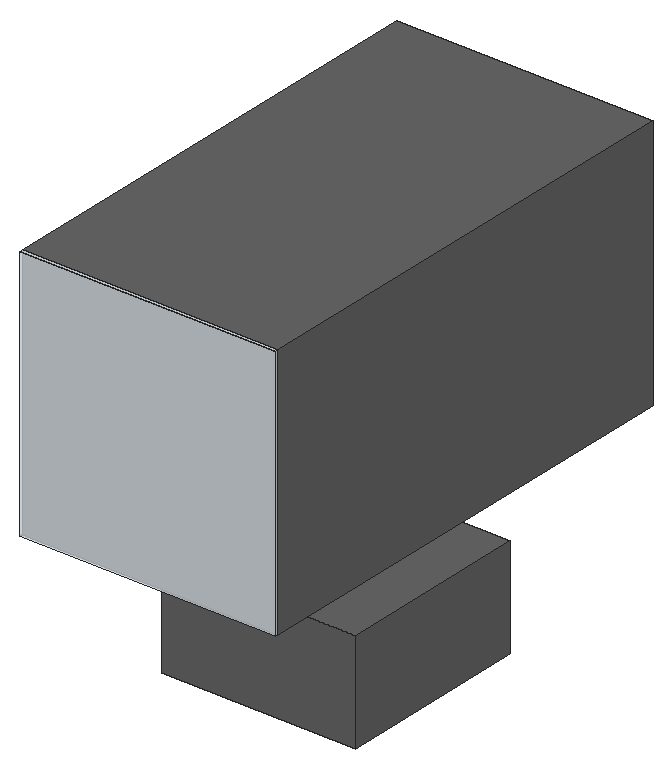
Revit family "LTC-6SQD-W", category Lighting Fixtures, host Face, Revit 2021
Family settings
  Host = Face
  Round Connector Dimension = Use Diameter
  Part Type = Normal
  OmniClass Number = 23.80.70.11.14.11
  OmniClass Title = Downlights
  Cut with Voids When Loaded = No
  Light Source = Yes
  Shared = No
  Room Calculation Point = No
Parameters (values of type "LTC-6SQD-WCC")
  Wattage Comments = "8-52W"  # constant formula
  Wattage = 70 W
  Warranty = "5 years warranty"  # constant formula
  built-in parameter 1150110 = 1 (stored number, unit not read)
  Voltage = 120 V
  built-in parameter 1114217 = 1 (stored number, unit not read)
  Tilt Angle = -90.00°  # constant formula
  built-in parameter 1150109 = 1 (stored number, unit not read)
  built-in parameter 1150134 = 3
  built-in parameter 1150113 = 1 (stored number, unit not read)
  Recessed = no
  Photometric Web File = "LTC-6SQD-P-06L35K8MD-DM1-S-BL.ies"
  Features = "•\t6inch architectural LED square downlight and wall wash cylinder delivering 600 - 4000 lm\r\n•\t4 beam distributions from 0.6 to 1.2 Spacing Criteria\r\n•\tQuiet reflector appearance with 50º optical cutoff\r\n•\t2700K - 5000K, 80+ and 90+ CRI options\r\n•\tAvailable in Surface, Wall, Pendant, or Cord Mount configurations\r\n•\tPowerHUBB™ enables low-voltage wired connectivity for Power over Ethernet (PoE) network system deployment\r\n•\t2 SDCM color consistency\r\n•\tLong life L90 at 55,000 hrs (TM-21)\r\n•\tFive year warranty\r\n\r\n"  # constant formula
  built-in parameter 1150105 = -12994800 (stored number, unit not read)
  Lumens = 4900 lm
  built-in parameter 1150115 = 1 (stored number, unit not read)
  built-in parameter 1150137 = (empty or 0)
  built-in parameter 1150139 = (empty or 0)
  built-in parameter 1150112 = 1 (stored number, unit not read)
  built-in parameter 1150114 = 1 (stored number, unit not read)
  built-in parameter 1150132 = (empty or 0)
  built-in parameter 1150102 = (empty or 0)
  built-in parameter 1150107 = 3200 (stored number, unit not read)
  built-in parameter 1150138 = (empty or 0)
  built-in parameter 1150106 = -129948 (stored number, unit not read)
  Emit from Rectangle Width = 7.500"  # constant formula
  Emit from Rectangle Length = 7.500"  # constant formula
  Emit Shape Visible in Rendering = no
  built-in parameter 1150104 = 6.5032 (stored number, unit not read)
  Distance = 12.690"
  Dimming Lamp Color Temperature Shift = <None>
  Copyright = "Prescolite"  # constant formula
  Contact us = ""
  Color Filter = 16777215
  Certifications = "• cCSAus certified to UL 1598\r\n• Wall Mount: Suitable for wet locations\r\n• Surface & Pendant Mount: Suitable for wet\r\nlocations under covered ceiling\r\n• Cord Mount and all Wall Wash: Suitable for\r\ndamp locations"  # constant formula
  Canopy Height = 3.000"
  Canopy Distance = 5.740"
  built-in parameter 1114218 = 1 (stored number, unit not read)
  Ballast = Paint - Carbon Black
  URL = "https://www.currentlighting.com/prescolite"
  Product Page URL = ""
  Product Documentation Link = ""
  Model = "LTC-6SQD"  # constant formula
  Manufacturer = "Prescolite"  # constant formula
  Lamp = "LED Lamp"
  Reflector = Glass - Glass
  Description = "LITEISTRY™ 6inch Square Cylinder "  # constant formula
  Default Elevation = 48.000"
  Backbox = Matt Black
  built-in parameter 1150133 = 10 (stored number, unit not read)
  Apparent Load = 72 VA  # constant formula
Types (5): name | Recessed | Distance | Canopy Height | Canopy Distance
  (no name) | no | 12.690" | 3.000" | 5.740"
  LTC-6SQD-W | yes | 10.470" | 0.500" | 4.500"
  LTC-6SQD-WCC | no | 12.690" | 3.000" | 5.740"
  LTC-6SQD-WPC | yes | 12.690" | 3.000" | 7.750"
  LTC-6SQD-WPCC | no | 14.190" | 4.500" | 7.830"
Reference planes (in)
  plane 1 "Center (Front/Back)": y = 0
  plane 2: z = 0
  plane 3 "Center (Left/Right)": x = 0
  plane 4: z = 5.1
  plane 5: x = -2.8505
  plane 6: x = 2.7495
  plane 7: x = 2.87
  plane 8: x = -2.87
  plane 9: z = 3
  plane 10: y = 2.87
  plane 11: y = -2.87
  plane 12: y = 7
  plane 13: y = -7
  plane 14: z = 12.69
  plane 15: x = 3.795
  plane 16: x = -3.795
  plane 17: z = 8.895
Forms (in)
  Extrusion 1, solid, material "Matt Black" <- "Backbox"
    sketch origin (-0.0505, 0.00841, 1.00792) x (0, 1, 0) y (0, 0, 1)
      loop
        line (2.86159, -1.00792) -> (2.86159, 1.99208) -> (-2.87841, 1.99208) -> (-2.87841, -1.00792) -> (2.86159, -1.00792)
    from -2.8195 to 2.9205
  Extrusion 2, solid, material "Paint - Carbon Black" <- "Ballast"
    sketch origin (-0.0505, 0.00841, 0) x (0, 1, 0) y (0, 0, 1)
      loop
        line (0.97237, 0.3077) -> (0.97237, 8.895) -> (-1.03763, 8.895) -> (-1.03763, 0.3077) -> (0.97237, 0.3077)
    from -0.88539 to 0.81657
  Extrusion 3, solid, material "Paint - Carbon Black" <- "Ballast"
    sketch origin (-0.0505, 1, 2.18) x (0, 1, 0) y (0, 0, 1)
      loop
        line (6, 10.51) -> (-7.89784, 10.51) -> (-7.89784, 2.92) -> (6, 2.92) -> (6, 10.51)
    from -3.7445 to 3.8455
  Extrusion 4, solid, material "Glass - Glass" <- "Reflector"
    sketch origin (-0.0505, -0.89784, 3.28125) x (1, 0, 0) y (0, 0, 1)
      loop
        line (-3.7445, 1.81875) -> (3.8455, 1.81875) -> (3.8455, 9.40875) -> (-3.7445, 9.40875) -> (-3.7445, 1.81875)
    from 6 to 6.1
  Extrusion 5, solid, material "Paint - Carbon Black" <- "Ballast", visible <- "Recessed"
    sketch origin (7.83986, -180, 7.93836) x (-1, 0, 0) y (0, -1, 0)
      loop
        line (8.85023, -181.75) -> (9.86059, -180) -> (8.85023, -178.25) -> (6.8295, -178.25) -> (5.81914, -180) -> (6.8295, -181.75) -> (8.85023, -181.75)
    from -8.7365 to -7.93836
Dimensions and locks (in)
  locked: Extrusion 2 sketch curve to Extrusion 2 sketch curve at 2.01
  equal spacing: plane 7, plane 3 "Center (Left/Right)", plane 8
  "Canopy Distance": plane 7 to plane 8
  "Canopy Height": plane 9 to host face
  equal spacing: plane 10, plane 1 "Center (Front/Back)", plane 11
  "Canopy Distance": plane 10 to plane 11
  "Distance": plane 14 to plane 2
  plane 14 to plane 4 = 7.590"
  locked: plane 14 to plane 17 at 3.795
  aligned and locked: plane 2 to host face
  aligned and locked: plane 3 "Center (Left/Right)" to imposter light
  aligned and locked: plane 4 to Extrusion 3 sketch curve
  aligned and locked: Extrusion 3 to Extrusion 4  (x2)
  aligned and locked: Extrusion 1 to plane 9
  aligned and locked: plane 7 to Extrusion 1
  aligned and locked: Extrusion 1 to plane 8
  aligned and locked: Extrusion 1 to plane 10
  aligned and locked: plane 11 to Extrusion 1
  aligned and locked: Extrusion 3 sketch curve to plane 14
  aligned and locked: plane 14 to Extrusion 4
  aligned and locked: Extrusion 4 to plane 16
  aligned and locked: Extrusion 3 to plane 16
  aligned and locked: plane 15 to Extrusion 4
  aligned and locked: plane 15 to Extrusion 3
  aligned and locked: plane 17 to imposter light
  aligned and locked: plane 17 to Extrusion 2
  aligned and locked: level to Extrusion 5
Automatic sketch dimensions
  host sketch curve to host sketch curve = 96.000"  (x2)
  Extrusion 1 sketch curve to level = 0.000"
  plane 9 to Extrusion 1 sketch curve = 0.000"
  level to Extrusion 2 sketch curve = 0.3077"
  Extrusion 2 sketch curve to plane 9 = 5.895"
  Extrusion 4 sketch curve to plane 5 = 0.9445"
  plane 6 to Extrusion 4 sketch curve = 1.0455"
  Extrusion 4 sketch curve to Extrusion 4 sketch curve = 7.590"
  plane 1 "Center (Front/Back)" to Extrusion 1 sketch curve = 2.870"
  Extrusion 1 sketch curve to plane 1 "Center (Front/Back)" = 2.870"
  plane 1 "Center (Front/Back)" to Extrusion 2 sketch curve = 1.02922"
  plane 1 "Center (Front/Back)" to Extrusion 3 sketch curve = 6.89784"
  Extrusion 3 sketch curve to plane 1 "Center (Front/Back)" = 7.000"
  Extrusion 4 sketch curve to plane 9 = 2.100"
Connectors (in)
  electrical at (0, 0, 0), driven by "Description", driven by "Voltage", driven by "Apparent Load"
    settings: index 1, voltage 120 V, apparent load 72 VA, apparent load phase1 0 VA, apparent load phase2 0 VA, apparent load phase3 0 VA, power factor 1, load classification "Other", number of poles 1, system type 30, power factor state 1, is connector primary yes, connector utility no, sub classification motor no, connector description "LITEISTRY™ 6inch Square Cylinder "
